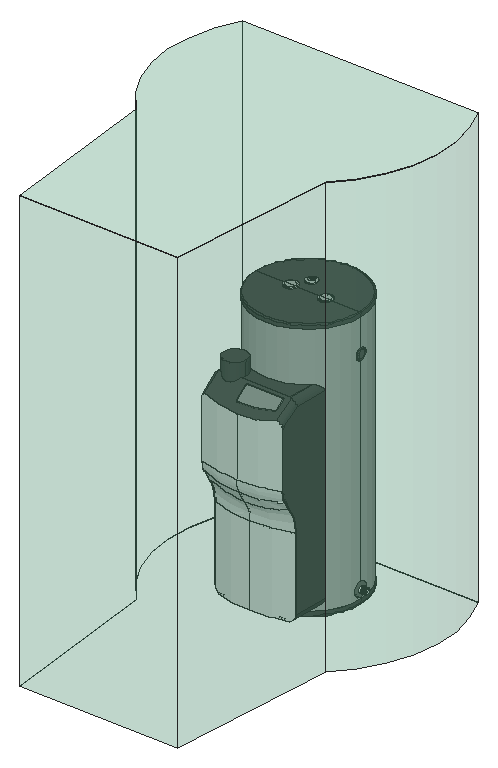
Revit family "Innovo NL_IR 12 200 NL NAT", category Mechanical Equipment, Revit 2015
Parameters (values of type "IR-12-200 NL NAT")
  Werkruimte Radius = Diameter + 170 mm  # 780 mm
  Werkruimte Hoogte = Hoogte + 1000 mm  # 2545 mm
  Werkruimte Afstand Voor = 1000 mm
  Werkruimte [instance] = yes
  Voorzorgsmaatregelen tijdens montage, installatie of onderhoud = "zie Gebruikers, Installatie, Service en Onderhouds handleiding"  # constant formula
  Voltage = 230 V  # constant formula
  Verpakkingslengte = 946 mm  # constant formula
  Verpakkingshoogte = 1695 mm
  Verpakkingsbreedte = 786 mm  # constant formula
  Uitsluitend werkend in daluren = no
  Type aanduiding = "IR-32-245"
  Transportgewicht = 136 kg
  Totaal Gewicht = 381 kg
  Stilstandsverlies - dagelijks (24u) = 0 W
  Stilstandsverlies = 0 W
  Standaard Afgesteld op = "G25.3"
  Stand Regelthermostaat = 65 °C  # constant formula
  Soort Verpakking = "Karton en Hout"  # constant formula
  Slimme controlefunctie = no
  Setpoint thermostaat = 65 °C  # constant formula
  Seizoens Rendement (Hs) = [Rendement (Hs, vlgs. NEN-EN 89 - 1999)]  # 95
  Rendement (Hs, vlgs. NEN-EN 89 - 1999) = 95
  Rendement (Hi, vlgs. NEN-EN 89 - 1999) = 106
  Produktspecificaties Link = ""
  Produkthandleiding Link = ""
  Produkt Model Nummer (EAN-nummer) = "8717449283841"
  Onderhoudsinterval = "12 maanden"  # constant formula
  Nominale Belasting (Onderwaarde) = "29000.0"
  Nominale Belasting (Bovenwaarde) = "32200.0"
  Nominaal Vermogen = "30700.0"
  NOx-uitstoot mg/kWh = "37.0"
  NOx-uitstoot (lucht vrij, 0% O2) ppm = "24"
  Min. Stand Regelthermostaat = 40 °C  # constant formula
  Max. Werkdruk = 800000.0 Pa
  Max. Stand Regelthermostaat = 85 °C  # constant formula
  Max. Rookgastemperatuur = 65 °C
  Ledig Gewicht = 120 kg
  Kraan Hoogte 02 = if(and(Hoogte = 1745 mm, Diameter = 675 mm), 1518 mm, if(and(Hoogte = 1745 mm, Diameter = 610 mm), 1534 mm, if(Hoogte = 1545 mm, 1328 mm, 1070 mm)))  # 1328 mm
  Kraan Hoogte 01 = if(and(Diameter > 560 mm), 693 mm, 604 mm)  # 693 mm
  Uitschakeldruk LDS < = 210.0 Pa
  URL = "www.aosmith.nl"
  Tapcapaciteit bij ΔT = 70°C  na 90 min. = 710.0 L
  Tapcapaciteit bij ΔT = 70°C  na 60 min. = 520.0 L
  Tapcapaciteit bij ΔT = 70°C  na 30 min. = 330.0 L
  Tapcapaciteit bij ΔT = 70°C  na 120 min. = 900.0 L
  Tapcapaciteit bij ΔT = 55°C  na 90 min. = 930.0 L
  Tapcapaciteit bij ΔT = 55°C  na 60 min. = 690.0 L
  Tapcapaciteit bij ΔT = 55°C  na 30 min. = 440.0 L
  Tapcapaciteit bij ΔT = 55°C  na 120 min. = 1200.0 L
  Tapcapaciteit bij ΔT = 50°C  na 90 min. = 1100.0 L
  Tapcapaciteit bij ΔT = 50°C  na 60 min. = 760.0 L
  Tapcapaciteit bij ΔT = 50°C  na 30 min. = 500.0 L
  Tapcapaciteit bij ΔT = 50°C na 120 min. = 1300.0 L
  Tapcapaciteit bij ΔT = 44°C na 120 min. = 1200.0 L
  Tapcapaciteit bij ΔT = 44°C  na 90 min. = 870.0 L
  Tapcapaciteit bij ΔT = 44°C  na 60 min. = 570.0 L
  Tapcapaciteit bij ΔT = 44°C  na 30 min. = 1500.0 L
  Tapcapaciteit bij ΔT = 28°C na 90 min. = 1900.0 L
  Tapcapaciteit bij ΔT = 28°C na 60 min. = 1400.0 L
  Tapcapaciteit bij ΔT = 28°C na 30 min. = 930.0 L
  Tapcapaciteit bij ΔT = 28°C na 120 min. = 2400.0 L
  Tapcapaciteit Continu bij ΔT = 70°C = 380.0 L/s
  Tapcapaciteit Continu bij ΔT = 55°C = 480.0 L/s
  Tapcapaciteit Continu bij ΔT = 50°C = 530.0 L/s
  Tapcapaciteit Continu bij ΔT = 44°C = 600.0 L/s
  Tapcapaciteit Continu bij ΔT = 28°C = 960.0 L/s
  Opwarmtijd bij ΔT = 70°C = "31"
  Opwarmtijd bij ΔT = 55°C = "24"
  Opwarmtijd bij ΔT = 50°C = "22"
  Opwarmtijd bij ΔT = 44°C = "20"
  Opwarmtijd bij ΔT = 28°C = "13"
  Model = "IR-32-325 NL NAT"
  Manufacturer = "A.O. Smith Water Products Company b.v."  # constant formula
  Length = 780 mm  # constant formula
  Jaarlijks elektriciteitsverbruik (2) = "-"
  Jaarlijks elektriciteitsverbruik (1) = "44 kWh"
  Jaarlijks brandstofverbruik (2) = "-"
  Jaarlijks brandstofverbruik (1) = "21 GJ GCV"
  Isolatiedikte = 44 mm
  Installatie Typen = "B23/C13/C33/C43/C53/C63"  # constant formula
  Inhoud = 245.0 L
  Hoogte Warm Water Uitlaat = 1545 mm
  Hoogte Rookgasafvoer = 1345 mm
  Hoogte Lucht Inlaat = 1345 mm
  Hoogte Koud Water Inlaat = 170 mm
  Hoogte Gas Aansluiting = 920 mm
  Hoogte = 1545 mm
  Handelsmerk = "A.O. Smith"  # constant formula
  Geluidsniveau dB (A) = "<45"  # constant formula
  Geluidsniveau binnen = "58 dB"
  Gasverbruik - Volume ltr/hr = "3.10"
  Gasverbruik - Massa kg/h = "n.v.t."
  Gascategorie = "II2EK3B/P"  # constant formula
  Gas Voordruk = 2500.0 Pa
  Gas Aansluiting = 15"  # constant formula
  Garrantie op Tank = "36 maanden"  # constant formula
  Garrantie op Onderdelen = "12 maanden"  # constant formula
  Frequentie = 50 Hz  # constant formula
  Fase = 1
  Fabrikantnummer = "E 7110"  # constant formula
  Energie-efficiëntieklasse voor waterverwarming (2) = "-"
  Energie-efficiëntieklasse voor waterverwarming (1) = "A"  # constant formula
  Energie-efficiëntie voor waterverwarming (2) = "-"
  Energie-efficiëntie voor waterverwarming (1) = "92%"
  Elektrisch Vermogen (piek) = 105 W
  Elektrisch Vermogen (nominaal) = 85 W
  Diameter Schoorsteen - parallel systeem = "2x80"  # constant formula
  Diameter Schoorsteen - concentrisch systeem = "80/125 mm/mm"  # constant formula
  Diameter Schoorsteen - boiler = "80/125 mm/mm"  # constant formula
  Diameter = 610 mm
  Description = "Condenserende Hoog Rendementsboiler"  # constant formula
  Created By = "http://www.cadcompany.nl/"
  Capaciteitsprofiel = "XXL"
  CO2-uitstoot (tol. +/- 1.0) vol% = "9.3"
  CE-PIN = "0063CQ3037"  # constant formula
  Breedte = Diameter  # 610 mm
  Bestemming / Land = "Nederland"  # constant formula
  BIM Content Developer = "CAD & Company"  # constant formula
  Assembly Code = "D3010"
  Ander capaciteitsprofiel = "-"
  Aansluiting Warm Water = 1"
  Aansluiting T&P = 1"
  Aansluiting Koud Water = 3/4"  # constant formula
  Aansluiting Condensafvoer = 40 mm  # constant formula
  Aansluiting Aftapkraan = 3/4"  # constant formula
  2e Onderhoud (algeheel onderhoud) = "12 maanden na installatie"  # constant formula
  1e Onderhoud (check-up) = "3 maanden na installatie"  # constant formula
Reference planes
  plane 1 "Center (Front/Back)": y = 0
  plane 2: z = 0
  plane 3 "Center (Left/Right)": x = 0
  plane 4 "Pipe": through (-383.901, 912.349, 194.799) normal (-0.0879, -0.0879, 0.9923)
  plane 5 "footing": y = 118.925
  plane 6 "footing front": y = -237.85
  plane 7: x = -305
  plane 8: x = 305
  plane 9: z = 1545
Forms (mm)
  Revolve 1, solid, material "RAL 9005", detail levels medium+fine
    sketch origin (0, -237.85, 0) x (-1, 0, 0) y (0, 0, 1)
      loop
        line (0, 28.9) -> (-15, 28.9) -> (-15, 26.4) -> (-8.671, 26.4) -> (-8.671, 18) -> (-5.686, 18) -> (-6.626, 17.06) -> (-6.626, 12.06) -> (-8.671, 12.06) -> (-8.671, 10) -> (-10.031, 10) -> (-23.271, 5.181)
        arc (-23.271, 5.181) -> (-23.763, 4.836) -> (-24.017, 4.293) r 1.159
        line (-24.017, 4.293) -> (-24.017, 1.03)
        arc (-24.017, 1.03) -> (-23.715, 0.302) -> (-22.986, 0) r 1.03
        line (-22.986, 0) -> (0, 0) -> (0, 28.9)
      axis (0, 28.9) -> (0, 0)
    angle from 0 to 360
  Revolve 2, solid, material "RAL 9005", detail levels medium+fine
    sketch origin (0, 118.925, 0) x (-1, 0, 0) y (0, 0, 1)
      loop
        line (-205.984, 28.9) -> (-220.984, 28.9) -> (-220.984, 26.4) -> (-214.655, 26.4) -> (-214.655, 18) -> (-211.67, 18) -> (-212.61, 17.06) -> (-212.61, 12.06) -> (-214.655, 12.06) -> (-214.655, 10) -> (-216.015, 10) -> (-229.256, 5.181)
        arc (-229.256, 5.181) -> (-229.747, 4.836) -> (-230.001, 4.293) r 1.159
        line (-230.001, 4.293) -> (-230.001, 1.03)
        arc (-230.001, 1.03) -> (-229.699, 0.302) -> (-228.971, 0) r 1.03
        line (-228.971, 0) -> (-205.984, 0) -> (-205.984, 28.9)
      axis (-205.984, 28.9) -> (-205.984, 0)
    angle from 0 to 360
  Revolve 3, solid, material "RAL 9005", detail levels medium+fine
    sketch origin (0, 118.925, 0) x (-1, 0, 0) y (0, 0, 1)
      loop
        line (204.016, 28.9) -> (189.016, 28.9) -> (189.016, 26.4) -> (195.345, 26.4) -> (195.345, 18) -> (198.33, 18) -> (197.39, 17.06) -> (197.39, 12.06) -> (195.345, 12.06) -> (195.345, 10) -> (193.985, 10) -> (180.744, 5.181)
        arc (180.744, 5.181) -> (180.253, 4.836) -> (179.999, 4.293) r 1.159
        line (179.999, 4.293) -> (179.999, 1.03)
        arc (179.999, 1.03) -> (180.301, 0.302) -> (181.029, 0) r 1.03
        line (181.029, 0) -> (204.016, 0) -> (204.016, 28.9)
      axis (204.016, 28.9) -> (204.016, 0)
    angle from 0 to 360
Lines and regions (mm)
  symbolic lines
    curve 1: line (0, 280.06, 0) -> (0, -280.06, 0)
    curve 2: line (-280.06, 0, 0) -> (280.06, 0, 0)
  symbolic lines, style "Workspace"
    curve 3: line (681.142, 380.06, 0) -> (-681.142, 380.06, 0)
    curve 4: arc (-681.142, 380.06, 0) -> (-777.325, -64.546, 0) -> (-609.127, -487.2, 0) r 780
    curve 5: line (-609.127, -487.2, 0) -> (-421.783, -1517.825, 0)
    curve 6: line (-421.783, -1517.825, 0) -> (424.03, -1517.825, 0)
    curve 7: line (424.03, -1517.825, 0) -> (611.027, -484.816, 0)
    curve 8: arc (611.027, -484.816, 0) -> (777.449, -63.027, 0) -> (681.142, 380.06, 0) r 780
Dimensions and locks
  plane 5 "footing" to plane 1 "Center (Front/Back)" = 118.925 mm
  plane 1 "Center (Front/Back)" to plane 6 "footing front" = 237.85 mm
  "Diameter": plane 7 to plane 8
  equal spacing: plane 7, plane 3 "Center (Left/Right)", plane 8
  "Hoogte": plane 9 to plane 2
  "Werkruimte Afstand Voor": curve 6 to nested 3
  "Werkruimte Radius": radius of curve 4
  "Werkruimte Radius": radius of curve 8
  aligned and locked: level to plane 2
  aligned and locked: nested 3 to Revolve 1 sketch curve
  aligned and locked: plane 3 "Center (Left/Right)" to Revolve 1 sketch curve
  aligned and locked: nested 3 to plane 1 "Center (Front/Back)"
  aligned and locked: plane 3 "Center (Left/Right)" to nested 3
  aligned and locked: nested 1 to plane 8
  aligned and locked: nested 5 to plane 8
  aligned and locked: nested 2 to plane 7
  aligned and locked: nested 4 to plane 7
  aligned and locked: nested 7 to plane 7
  aligned and locked: nested 8 to plane 3 "Center (Left/Right)"
  aligned and locked: curve 3 to nested 8
  aligned and locked: nested 8 to nested 3
Automatic sketch dimensions
  Revolve 1 sketch curve to level = 0 mm
  plane 3 "Center (Left/Right)" to Revolve 1 sketch curve = 5.686 mm
  Revolve 1 sketch curve to Revolve 1 sketch curve = 0.94 mm  (x2)
  Revolve 1 sketch curve to Revolve 1 sketch curve = 2.046 mm  (x2)
  Revolve 1 sketch curve to Revolve 1 sketch curve = 1.359 mm
  Revolve 1 sketch curve to Revolve 1 sketch curve = 6.329 mm
  level to Revolve 1 sketch curve = 4.091 mm
  Revolve 1 sketch curve to Revolve 1 sketch curve = 12.844 mm
  level to Revolve 1 sketch curve = 1.03 mm
  Revolve 1 sketch curve to Revolve 1 sketch curve = 0.111 mm
  level to Revolve 1 sketch curve = 5.181 mm
  Revolve 1 sketch curve to Revolve 1 sketch curve = 0.745 mm
  level to Revolve 1 sketch curve = 10 mm
  Revolve 1 sketch curve to Revolve 1 sketch curve = 2.06 mm
  Revolve 1 sketch curve to Revolve 1 sketch curve = 5 mm
  Revolve 1 sketch curve to Revolve 1 sketch curve = 8.4 mm
  Revolve 1 sketch curve to Revolve 1 sketch curve = 2.5 mm
  Revolve 1 sketch curve to level = 19.635 mm
  Revolve 1 sketch curve to Revolve 1 sketch curve = 46.465 mm
  Revolve 2 sketch curve to level = 0 mm
  level to Revolve 2 sketch curve = 1.03 mm
  Revolve 2 sketch curve to plane 8 = 74.999 mm
  level to Revolve 2 sketch curve = 5.181 mm
  Revolve 2 sketch curve to Revolve 2 sketch curve = 0.745 mm
  Revolve 2 sketch curve to Revolve 2 sketch curve = 0.397 mm
  Revolve 2 sketch curve to Revolve 2 sketch curve = 8.271 mm
  Revolve 2 sketch curve to Revolve 2 sketch curve = 13.241 mm
  Revolve 2 sketch curve to Revolve 2 sketch curve = 1.359 mm
  Revolve 2 sketch curve to Revolve 2 sketch curve = 6.329 mm
  Revolve 2 sketch curve to Revolve 2 sketch curve = 2.046 mm
  level to Revolve 2 sketch curve = 18 mm
  Revolve 2 sketch curve to Revolve 2 sketch curve = 0.94 mm  (x2)
  Revolve 2 sketch curve to Revolve 2 sketch curve = 8.671 mm
  Revolve 2 sketch curve to Revolve 2 sketch curve = 1.089 mm
  Revolve 2 sketch curve to Revolve 2 sketch curve = 8 mm
  Revolve 2 sketch curve to Revolve 2 sketch curve = 2.06 mm
  Revolve 2 sketch curve to Revolve 2 sketch curve = 8.4 mm
  Revolve 2 sketch curve to Revolve 2 sketch curve = 2.5 mm
  Revolve 2 sketch curve to Revolve 2 sketch curve = 0 mm
  Revolve 2 sketch curve to level = 19.635 mm
  Revolve 2 sketch curve to Revolve 2 sketch curve = 46.465 mm
  Revolve 3 sketch curve to level = 0 mm
  level to Revolve 3 sketch curve = 1.03 mm
  Revolve 3 sketch curve to plane 7 = 125.001 mm
  level to Revolve 3 sketch curve = 5.181 mm
  Revolve 3 sketch curve to Revolve 3 sketch curve = 0.745 mm
  Revolve 3 sketch curve to Revolve 3 sketch curve = 0.397 mm
  Revolve 3 sketch curve to Revolve 3 sketch curve = 8.271 mm
  Revolve 3 sketch curve to Revolve 3 sketch curve = 13.241 mm
  Revolve 3 sketch curve to Revolve 3 sketch curve = 1.359 mm
  Revolve 3 sketch curve to Revolve 3 sketch curve = 6.329 mm
  Revolve 3 sketch curve to Revolve 3 sketch curve = 2.046 mm
  level to Revolve 3 sketch curve = 18 mm
  Revolve 3 sketch curve to Revolve 3 sketch curve = 0.94 mm  (x2)
  Revolve 3 sketch curve to Revolve 3 sketch curve = 8.671 mm
  Revolve 3 sketch curve to Revolve 3 sketch curve = 1.089 mm
  Revolve 3 sketch curve to Revolve 3 sketch curve = 8 mm
  Revolve 3 sketch curve to Revolve 3 sketch curve = 2.06 mm
  Revolve 3 sketch curve to Revolve 3 sketch curve = 8.4 mm
  Revolve 3 sketch curve to Revolve 3 sketch curve = 2.5 mm
  Revolve 3 sketch curve to Revolve 3 sketch curve = 0 mm
  Revolve 3 sketch curve to level = 19.635 mm
  Revolve 3 sketch curve to Revolve 3 sketch curve = 46.465 mm
  curve 4 to curve 8 = 0 mm  (x2)
  plane 1 "Center (Front/Back)" to curve 2 = 0 mm
  curve 1 to plane 3 "Center (Left/Right)" = 0 mm
  plane 1 "Center (Front/Back)" to curve 4 = 0 mm
  curve 4 to plane 3 "Center (Left/Right)" = 0 mm
  curve 5 to plane 6 "footing front" = 249.35 mm
  plane 7 to curve 5 = 116.783 mm
  plane 8 to curve 7 = 119.03 mm
  curve 7 to plane 6 "footing front" = 246.966 mm
  curve 2 to plane 7 = 24.94 mm
  curve 2 to plane 8 = 24.94 mm
  curve 1 to plane 6 "footing front" = 42.21 mm
  plane 5 "footing" to curve 1 = 161.135 mm
Nested families
  nested 1: "Valve" at (305, -0.38, 1328) x (0, 1, 0) z (0, 0, 1), built-in parameter 1001364 <- "Kraan Hoogte 02", type "Valve"
  nested 2: "Drain Valve" at (-305, 0, 1328), built-in parameter 1001364 <- "Kraan Hoogte 02", type "Drain Valve"
  nested 3: "Housing Mother Housing S 57 (external)" at (0, -299.886, 0), type "Housing Mother_Housing S_57"
    with radius 305 mm, distance to boiler center 154 mm, diameter 610 mm
  nested 4: "Drain Valve" at (-305, 0, 177), type "Drain Valve"
  nested 5: "Drain Valve" at (305, 0, 107) x (-1, 0, 0) z (0, 0, 1), type "Drain Valve"
  nested 6: "Boiler" at (0, 0, 0), height <- "Hoogte", type "Boiler"
    with height 1545 mm, radius 305 mm, Diameter 610 mm
  nested 7: "Drain Valve" at (-305, 0, 693), built-in parameter 1001364 <- "Kraan Hoogte 01", type "Drain Valve"
  nested 8: "Innovo_workspace" at (0, 0, 0), Workspace <- "Werkruimte", Workspace Distance Front <- "Werkruimte Afstand Voor", Workspace Height <- "Werkruimte Hoogte", Workspace Radius <- "Werkruimte Radius", type "Workspace"
    with Workspace Radius 780 mm, Workspace Height 2545 mm, Workspace Distance Front 1000 mm, Workspace yes, Center to Front 517.825 mm
Connectors
  piping at (339.826, 0, 107), diameter 19.05, driven by "Aansluiting Aftapkraan"
    settings: on nested 5, index 1, connector inside diameter 24", connector length 0 mm, flow factor 0, pipe flow 0.0 L/s, pressure drop 0.0 Pa, fitting loss kfactor 0, connector angle 0.00°, fixture units 0, engagement length 0 mm, angle of deflection 0.00°, flow configuration 0, flow direction 0, fitting loss method 0, system type 19, joint type 0, gender type 0, connector reference index -1, connector utility 0, adjustable connector no, is connector primary yes, connector description ""
  hvac at (-147.013, -346.326, 1310.674)
    settings: on nested 3, index 2, duct flow 0.0 L/s, flow factor 0, pres drop 0.0 Pa, loss coef 0, conn angle 0.00°, conn width 304.8 mm, conn height 304.8 mm, conn diameter 125 mm, duct sys type 4, conn prof type 0, flow config 0, flow direction 0, loss method 0, conn ref index -1, conn util no, is conn primary yes, conn desc ""
Definition of nested family "Valve"
  Parameters (values of type "Valve")
    Type Comments = "T&P valve (internal)"
    Manufacturer = "A.O. Smith"
  Reference planes
    plane 1 "Center (Front/Back)": y = 0
    plane 2: z = 0
    plane 3 "Center (Left/Right)": x = 0
  Forms (mm)
    Extrusion 1, solid, detail levels fine
      sketch origin (0, 0, 0) x (1, 0, 0) y (0, 0, 1)
        loop
          circle (0, 0) r 31.5
      from -2.271 to 1.4
    Sweep 2, solid, detail levels fine
      path origin (0, -1.4, 0) x (1, 0, 0) y (0, 0, 1)
        loop
          circle (0, 0) r 31.5
      profile origin (0, -1.4, 31.5) x (0, 0, -1) y (0, -1, 0)
        loop
          line (7.3, 0) -> (7.3, 3) -> (0, 0) -> (7.3, 0)
  Dimensions and locks
    aligned and locked: level to plane 2
Definition of nested family "Drain Valve"
  Reference planes
    plane 1 "Center (Front/Back)": y = 0
    plane 2: z = 0
    plane 3 "Center (Left/Right)": x = 0
  Forms (mm)
    Revolve 1, solid, detail levels medium+fine
      sketch origin (0, 0, 0) x (1, 0, 0) y (0, 0, 1)
        loop
          line (-33.442, 15.696) -> (-34.826, 14.329) -> (-34.93, 12.731) -> (-16.555, 12.731) -> (-16.555, 0) -> (15.787, 0) -> (15.787, 18.3) -> (-14.4, 18.3) -> (-17.148, 15.533) -> (-18.729, 16.697) -> (-20.091, 15.333) -> (-21.672, 16.496) -> (-23.034, 15.133) -> (-24.614, 16.296) -> (-25.976, 14.932) -> (-27.557, 16.096) -> (-28.919, 14.732) -> (-30.5, 15.896) -> (-31.862, 14.532) -> (-33.442, 15.696)
        axis (-34.93, 0) -> (15.787, 0)
      angle from 0 to 360
  Dimensions and locks
    aligned and locked: level to plane 2
  Nested families
    nested 1: "Rubber sealing" at (2.592, -0.155, 0) x (0.0023, -1, 0) z (0, 0, 1), type "Rubber sealing", detail levels fine
  Definition of nested family "Rubber sealing"
    Reference planes
      plane 1 "Center (Front/Back)": y = 0
      plane 2: z = 0
      plane 3 "Center (Left/Right)": x = 0
    Forms (mm)
      Extrusion 1, solid, detail levels fine
        sketch origin (141.861, 319.581, 0) x (1, 0, 0) y (0, 1, 0)
          loop
            line (-216.354, -311.898) -> (-216.354, -313.94)
            arc (-216.354, -313.94) -> (-141.602, -321.581) -> (-66.861, -313.835) r 366.966
            line (-66.861, -313.835) -> (-66.861, -311.791)
            arc (-66.861, -311.791) -> (-141.602, -319.581) -> (-216.354, -311.898) r 364.966
        from -80 to 80
      Extrusion 2, void
        sketch origin (141.861, 319.581, 0) x (1, 0, 0) y (0, 0, 1)
          loop
            circle (-141.861, 0) r 13
          loop
            circle (-141.861, 0) r 110
          loop
            circle (-141.861, 0) r 40
        from 311.563 to 332.684
      Extrusion 3, void
        sketch origin (141.861, 319.581, 0) x (1, 0, 0) y (0, 0, 1)
          loop
            circle (-141.861, 0) r 18.25
        from 315.524 to 326.084
    Cuts and joins
      Extrusion 2, Extrusion 3 cuts Extrusion 1
    Dimensions and locks
      aligned and locked: level to plane 2
Definition of nested family "Housing Mother Housing S 57 (external)"
  Parameters (values of type "Housing Mother_Housing S_57")
    radius [instance] = 280 mm
    distance to boiler center = if(diameter = 675 mm, 189 mm, if(diameter = 610 mm, 154 mm, 129 mm))  # 129 mm
    diameter = 560 mm
  Reference planes
    plane 1 "Center (Front/Back)": y = 0
    plane 2: z = 0
    plane 3 "Center (Left/Right)": x = 0
    plane 4 "left": through (-245.286, 145.886, 1200) normal (0.9994, 0.0349, 0)
    plane 5: y = -217.939
    plane 6: y = 145.886
    plane 7: z = 1232.6
    plane 8: z = 65.89
    plane 9 "right": through (245.286, 145.886, 1200) normal (0.9994, -0.0349, 0)
    plane 10 "display": through (0, -90.37, 1221.196) normal (0, -0.5736, 0.8192)
    plane 11 "Potentiostat": z = 867.899
    plane 12 "boiler center": y = 274.886
    plane 13: x = -280
    plane 14: x = 280
  Forms (mm)
    Extrusion 1, solid
      sketch origin (0, 0, 0) x (1, 0, 0) y (0, 1, 0)
        loop
          line (-245.286, 145.886) -> (-232.581, -217.939) -> (232.581, -217.939) -> (245.286, 145.886)
          arc (245.286, 145.886) -> (0, 0.923) -> (-245.286, 145.886) r 280
      from 0 to 1232.6
    Sweep 2, void
      path origin (0, 0, 0) x (0, 1, 0) y (0, 0, 1)
        loop
          line (-217.939, 1232.6) -> (-217.939, 795.555)
          arc (-217.939, 795.555) -> (-212.387, 754.285) -> (-197.694, 715.322) r 183.924
          arc (-197.694, 715.322) -> (-179.915, 684.628) -> (-159.106, 655.901) r 348.284
          arc (-159.106, 655.901) -> (-131.411, 600.328) -> (-121.88, 538.973) r 202.254
          line (-121.88, 538.973) -> (-121.88, 61.106)
      profile origin (0, -217.939, 1014.077) x (1, 0, 0) y (0, 1, 0)
        loop
          arc (0, 0) -> (-117.533, 9.941) -> (-231.728, 39.475) r 699.984
          arc (-231.728, 39.475) -> (-233.391, 40.705) -> (-234.07, 42.659) r 3.505
          line (-234.07, 42.659) -> (-254.062, 42.659) -> (-254.062, -142.593) -> (254.07, -142.593) -> (254.07, 42.659) -> (234.07, 42.659)
          arc (234.07, 42.659) -> (233.391, 40.705) -> (231.728, 39.475) r 3.505
          arc (231.728, 39.475) -> (117.533, 9.941) -> (0, 0) r 699.984
    Extrusion 3, void
      sketch origin (0, 0, 0) x (0, 1, 0) y (0, 0, 1)
        loop
          arc (102.864, 70.869) -> (99.804, 70.709) -> (96.874, 69.813) r 12.57
          arc (96.874, 69.813) -> (87.878, 66.533) -> (78.516, 64.529) r 69.114
          arc (78.516, 64.529) -> (76.41, 64.284) -> (74.294, 64.148) r 41.206
          arc (74.294, 64.148) -> (65.203, 64.335) -> (56.122, 64.782) r 318.661
          arc (56.122, 64.782) -> (30.585, 66.179) -> (5.028, 67.128) r 1456.581
          line (5.028, 67.128) -> (-84.534, 73.135)
          arc (-84.534, 73.135) -> (-86.363, 73.808) -> (-87.536, 75.365) r 3.455
          line (-87.536, 75.365) -> (-264.473, 75.365) -> (-264.473, 0) -> (160.886, 0) -> (160.886, 103.945) -> (145.886, 103.945)
          arc (145.886, 103.945) -> (145.104, 97.827) -> (142.923, 92.059) r 26.364
          arc (142.923, 92.059) -> (141.067, 88.936) -> (138.867, 86.045) r 31.715
          arc (138.867, 86.045) -> (135.576, 82.49) -> (132.021, 79.2) r 62.615
          arc (132.021, 79.2) -> (125.841, 74.697) -> (119.091, 71.103) r 54.444
          arc (119.091, 71.103) -> (116.371, 70.272) -> (113.531, 70.123) r 11.669
          line (113.531, 70.123) -> (102.864, 70.869)
      from -254.062 to 254.07
    Sweep 4, void
      path origin (0, 0, 0) x (1, 0, 0) y (0, 1, 0)
        loop
          line (-245.286, 145.886) -> (-232.581, -217.939)
      profile origin (-238.933, -36.027, 0) x (0.999391, 0.034899, 0) y (0, 0, 1)
        loop
          line (-4.454, 0) -> (47.084, 0) -> (47.084, 73.431)
          arc (47.084, 73.431) -> (14.222, 85.134) -> (0.255, 117.1) r 43.922
          line (0.255, 117.1) -> (-4.454, 117.1) -> (-4.454, 0)
    Sweep 5, void
      path origin (0, 0, 0) x (-1, 0, 0) y (0, 1, 0)
        loop
          line (-245.286, 145.886) -> (-232.581, -217.939)
      profile origin (238.933, -36.027, 0) x (0.999391, -0.034899, 0) y (0, 0, 1)
        loop
          line (4.454, 0) -> (4.454, 117.1) -> (-0.255, 117.1)
          arc (-0.255, 117.1) -> (-14.222, 85.134) -> (-47.084, 73.431) r 43.922
          line (-47.084, 73.431) -> (-47.084, 0) -> (4.454, 0)
    Sweep 6, void
      path origin (-239.899, -8.377, 0) x (-0.034899, 0.999391, 0) y (0, 0, 1)
        loop
          line (-209.69, 1141.272) -> (-79.18, 1232.6) -> (154.358, 1232.6)
      profile origin (-241.211, 29.188, 1232.6) x (0, 0, 1) y (0.999391, 0.034899, 0)
        loop
          line (-45, -30) -> (75, -30) -> (75, 0) -> (75, 55) -> (2.799, 55) -> (-1.253, 35.128)
          arc (-1.253, 35.128) -> (-16.771, 9.564) -> (-45, -0.308) r 44.287
          line (-45, -0.308) -> (-45, -30)
    Sweep 7, void
      path origin (239.899, -8.377, 0) x (0.034899, 0.999391, 0) y (0, 0, 1)
        loop
          line (-209.69, 1141.272) -> (-79.18, 1232.6) -> (154.358, 1232.6)
      profile origin (241.211, 29.188, 1232.6) x (0, 0, -1) y (-0.999391, 0.034899, 0)
        loop
          line (-75, -25) -> (45, -25) -> (45, -0.308)
          arc (45, -0.308) -> (16.771, 9.564) -> (1.253, 35.128) r 44.287
          line (1.253, 35.128) -> (-2.799, 55) -> (-75, 55) -> (-75, -25)
    Extrusion 8, void
      sketch origin (0, 0, 0) x (0, 1, 0) y (0, 0, 1)
        loop
          line (-270, 1336.099) -> (-270, 1099.081) -> (68.497, 1336.099) -> (-270, 1336.099)
      from -425.038 to 444.42
    Extrusion 9, solid, detail levels medium+fine
      sketch origin (0, 0, 0) x (1, 0, 0) y (0, 1, 0)
        loop
          circle (-147.013, -46.44) r 65
      from 1163.174 to 1310.674
    Extrusion 10, void
      sketch origin (0, -603.506, 861.895) x (0, 0.819152, 0.573576) y (-1, 0, 0)
        loop
          arc (618.322, -173) -> (623.272, -170.95) -> (625.322, -166) r 7
          line (625.322, -166) -> (625.322, 35)
          arc (625.322, 35) -> (623.272, 39.95) -> (618.322, 42) r 7
          line (618.322, 42) -> (535.473, 42)
          arc (535.473, 42) -> (530.688, 40.11) -> (528.488, 35.46) r 7
          arc (528.488, 35.46) -> (531.569, -67.592) -> (554.18, -168.18) r 540
          arc (554.18, -168.18) -> (556.724, -171.668) -> (560.831, -173) r 7
          line (560.831, -173) -> (618.322, -173)
      from 0 to 137.286
    Sweep 11, solid, detail levels fine
      path origin (0, 0, 867.899) x (-1, 0, 0) y (0, -1, 0)
        loop
          line (309.749, -35.617) -> (204.371, -35.617)
          arc (204.371, -35.617) -> (196.509, -34.687) -> (189.082, -31.947) r 33.677
          line (189.082, -31.947) -> (-9.574, 69.274)
      profile origin (-257.06, 35.617, 867.899) x (0, 1, 0) y (0, 0, 1)
        loop
          circle (0, 0) r 7.316
        loop
          circle (0, 0) r 6.465
    Revolve 12, void
      sketch origin (0, 274.886, 0) x (-1, 0, 0) y (0, 0, 1)
        loop
          line (280, 1243.838) -> (0, 1243.838) -> (0, 54.9) -> (280, 54.9) -> (280, 1243.838)
        axis (0, 1243.838) -> (0, 54.9)
      angle from 0 to 360
  Cuts and joins
    Sweep 2, Extrusion 3, Sweep 4, Sweep 5, Sweep 6, Sweep 7, Extrusion 8, Extrusion 10, Revolve 12 cuts Extrusion 1
  Dimensions and locks
    plane 8 to plane 2 = 65.89 mm
    plane 7 to plane 8 = 1166.71 mm
    "distance to boiler center": plane 12 "boiler center" to plane 6
    "diameter": plane 14 to plane 13
    equal spacing: plane 14, plane 3 "Center (Left/Right)", plane 13
    "radius": plane 3 "Center (Left/Right)" to plane 13
    aligned and locked: level to plane 2
    aligned and locked: Extrusion 1 to plane 7
    aligned and locked: Extrusion 1 sketch curve to plane 5
    aligned and locked: Sweep 2 to Extrusion 3
    aligned and locked: Extrusion 3 to Sweep 2  (x2)
    aligned and locked: plane 7 to Sweep 2 sketch curve
    aligned and locked: plane 3 "Center (Left/Right)" to Revolve 12 sketch curve
    aligned and locked: Revolve 12 sketch curve to plane 3 "Center (Left/Right)"
    aligned and locked: plane 13 to Revolve 12 sketch curve
  Automatic sketch dimensions
    Extrusion 1 sketch curve to plane 4 "left" = 0 mm  (x2)
    Extrusion 1 sketch curve to plane 6 = 0 mm  (x2)
    Extrusion 1 sketch curve to plane 3 "Center (Left/Right)" = 0 mm
    Extrusion 1 sketch curve to plane 9 "right" = 0 mm
    plane 6 to Extrusion 1 sketch curve = 135.037 mm
    Sweep 2 sketch curve to plane 5 = 0 mm
    plane 5 to Sweep 2 sketch curve = 106.195 mm
    Sweep 2 sketch curve to plane 5 = 96.059 mm
    plane 1 "Center (Front/Back)" to Sweep 2 sketch curve = 34.053 mm
    plane 11 "Potentiostat" to Sweep 2 sketch curve = 6.417 mm
    Sweep 2 sketch curve to plane 6 = 33.705 mm
    Sweep 2 sketch curve to plane 11 "Potentiostat" = 68.615 mm
    Sweep 2 sketch curve to plane 11 "Potentiostat" = 72.345 mm
    Sweep 2 sketch curve to Sweep 2 sketch curve = 176.349 mm
    Sweep 2 sketch curve to Sweep 2 sketch curve = 0 mm  (x2)
    plane 8 to Sweep 2 sketch curve = 4.784 mm
    Extrusion 3 sketch curve to level = 0 mm
    Extrusion 3 sketch curve to plane 6 = 0 mm
    Extrusion 3 sketch curve to plane 6 = 26.363 mm
    Extrusion 3 sketch curve to Extrusion 3 sketch curve = 4.75 mm
    Extrusion 3 sketch curve to Extrusion 3 sketch curve = 5.179 mm
    Extrusion 3 sketch curve to plane 8 = 4.232 mm
    Extrusion 3 sketch curve to Extrusion 3 sketch curve = 0.814 mm
    Extrusion 3 sketch curve to plane 8 = 4.978 mm
    Extrusion 3 sketch curve to Extrusion 3 sketch curve = 10.667 mm
    Extrusion 3 sketch curve to Extrusion 3 sketch curve = 0.877 mm
    Extrusion 3 sketch curve to Extrusion 3 sketch curve = 17.827 mm
    Extrusion 3 sketch curve to Extrusion 3 sketch curve = 5.646 mm
    Extrusion 3 sketch curve to plane 6 = 69.562 mm
    Extrusion 3 sketch curve to Extrusion 3 sketch curve = 18.6 mm
    Extrusion 3 sketch curve to Extrusion 3 sketch curve = 22.538 mm
    Extrusion 3 sketch curve to plane 8 = 1.238 mm
    Extrusion 3 sketch curve to plane 1 "Center (Front/Back)" = 5.028 mm
    plane 1 "Center (Front/Back)" to Extrusion 3 sketch curve = 36.224 mm
    Extrusion 3 sketch curve to plane 8 = 10.692 mm
    plane 1 "Center (Front/Back)" to Extrusion 3 sketch curve = 84.302 mm
    Extrusion 3 sketch curve to plane 8 = 7.244 mm
    Extrusion 3 sketch curve to Extrusion 3 sketch curve = 0.231 mm
    Extrusion 3 sketch curve to Extrusion 3 sketch curve = 3.234 mm
    plane 5 to Extrusion 3 sketch curve = 46.534 mm
    plane 6 to Extrusion 3 sketch curve = 15 mm
    Extrusion 3 sketch curve to level = 1388.869 mm
    plane 8 to Extrusion 3 sketch curve = 7.561 mm
    Extrusion 3 sketch curve to Extrusion 3 sketch curve = 11.64 mm
    Extrusion 3 sketch curve to plane 8 = 38.054 mm
    Extrusion 3 sketch curve to Extrusion 3 sketch curve = 22.442 mm
    Extrusion 3 sketch curve to plane 8 = 39.432 mm
    Extrusion 3 sketch curve to Extrusion 3 sketch curve = 2.466 mm
    Extrusion 3 sketch curve to Extrusion 3 sketch curve = 14.17 mm
    Extrusion 3 sketch curve to Extrusion 3 sketch curve = 5.925 mm
    Extrusion 3 sketch curve to Extrusion 3 sketch curve = 6.186 mm
    Extrusion 3 sketch curve to Extrusion 3 sketch curve = 249.85 mm
    Extrusion 3 sketch curve to Extrusion 3 sketch curve = 0 mm  (x4)
    Extrusion 3 sketch curve to Extrusion 3 sketch curve = 6.845 mm
    plane 8 to Extrusion 3 sketch curve = 1.743 mm
    Sweep 4 sketch curve to plane 4 "left" = 0 mm  (x2)
    Sweep 4 sketch curve to plane 6 = 0 mm
    plane 5 to Sweep 4 sketch curve = 0 mm
    Sweep 4 sketch curve to level = 0 mm
    profile plane to Sweep 4 sketch curve = 4.454 mm
    Sweep 4 sketch curve to profile plane = 0.255 mm
    Sweep 4 sketch curve to Sweep 4 sketch curve = 43.922 mm
    Sweep 4 sketch curve to profile plane = 47.084 mm
    level to Sweep 4 sketch curve = 73.431 mm
    Sweep 4 sketch curve to Sweep 4 sketch curve = 43.669 mm
    Sweep 5 sketch curve to plane 6 = 0 mm
    Sweep 5 sketch curve to plane 9 "right" = 0 mm  (x2)
    plane 5 to Sweep 5 sketch curve = 0 mm
    Sweep 5 sketch curve to level = 0 mm
    profile plane to Sweep 5 sketch curve = 47.084 mm
    Sweep 5 sketch curve to Sweep 5 sketch curve = 2.907 mm
    profile plane to Sweep 5 sketch curve = 0.255 mm
    Sweep 5 sketch curve to profile plane = 4.454 mm
    level to Sweep 5 sketch curve = 73.431 mm
    Sweep 5 sketch curve to Sweep 5 sketch curve = 43.669 mm
    Sweep 6 sketch curve to plane 7 = 0 mm
    plane 7 to Sweep 6 sketch curve = 91.328 mm
    Sweep 6 sketch curve to Sweep 6 sketch curve = 130.509 mm
    Sweep 6 sketch curve to Sweep 6 sketch curve = 233.538 mm
    Sweep 6 sketch curve to plane 4 "left" = 0 mm
    profile plane to Sweep 6 sketch curve = 45 mm
    Sweep 6 sketch curve to Sweep 6 sketch curve = 0.354 mm
    profile plane to Sweep 6 sketch curve = 1.253 mm
    Sweep 6 sketch curve to profile plane = 2.799 mm
    Sweep 6 sketch curve to Sweep 6 sketch curve = 72.201 mm
    Sweep 6 sketch curve to plane 4 "left" = 0.308 mm
    Sweep 6 sketch curve to Sweep 6 sketch curve = 29.692 mm
    plane 4 "left" to Sweep 6 sketch curve = 35.128 mm
    plane 4 "left" to Sweep 6 sketch curve = 55 mm
    Sweep 7 sketch curve to plane 7 = 0 mm
    Sweep 7 sketch curve to plane 7 = 91.328 mm
    Sweep 7 sketch curve to Sweep 7 sketch curve = 130.509 mm
    Sweep 7 sketch curve to Sweep 7 sketch curve = 233.538 mm
    Sweep 7 sketch curve to plane 9 "right" = 25 mm
    profile plane to Sweep 7 sketch curve = 75 mm
    profile plane to Sweep 7 sketch curve = 2.799 mm
    Sweep 7 sketch curve to profile plane = 1.253 mm
    Sweep 7 sketch curve to Sweep 7 sketch curve = 43.393 mm
    Sweep 7 sketch curve to profile plane = 45 mm
    Sweep 7 sketch curve to plane 9 "right" = 0.308 mm
    plane 9 "right" to Sweep 7 sketch curve = 35.128 mm
    Sweep 7 sketch curve to Sweep 7 sketch curve = 19.872 mm
    plane 5 to Extrusion 8 sketch curve = 52.061 mm
    Extrusion 8 sketch curve to plane 1 "Center (Front/Back)" = 68.497 mm
    plane 7 to Extrusion 8 sketch curve = 133.519 mm
    Extrusion 8 sketch curve to plane 7 = 103.499 mm
    plane 1 "Center (Front/Back)" to Extrusion 9 sketch curve = 46.44 mm
    Extrusion 9 sketch curve to plane 3 "Center (Left/Right)" = 147.013 mm
    Extrusion 10 sketch curve to plane 3 "Center (Left/Right)" = 0 mm
    Extrusion 10 sketch curve to plane 3 "Center (Left/Right)" = 35 mm
    Extrusion 10 sketch curve to Extrusion 10 sketch curve = 25.359 mm
    Extrusion 10 sketch curve to Extrusion 10 sketch curve = 57.491 mm
    Extrusion 10 sketch curve to plane 3 "Center (Left/Right)" = 42 mm
    Extrusion 10 sketch curve to Extrusion 10 sketch curve = 82.85 mm
    Extrusion 10 sketch curve to Extrusion 10 sketch curve = 7 mm
    Extrusion 10 sketch curve to Extrusion 10 sketch curve = 442 mm
    plane 3 "Center (Left/Right)" to Extrusion 10 sketch curve = 166 mm
    Extrusion 10 sketch curve to Extrusion 10 sketch curve = 0 mm  (x2)
    Sweep 11 sketch curve to plane 1 "Center (Front/Back)" = 31.947 mm
    Sweep 11 sketch curve to plane 3 "Center (Left/Right)" = 189.082 mm
    Sweep 11 sketch curve to plane 1 "Center (Front/Back)" = 1.94 mm
    Sweep 11 sketch curve to Sweep 11 sketch curve = 15.289 mm
    plane 3 "Center (Left/Right)" to Sweep 11 sketch curve = 9.574 mm
    Sweep 11 sketch curve to Sweep 11 sketch curve = 105.378 mm
    plane 1 "Center (Front/Back)" to Sweep 11 sketch curve = 69.274 mm
    Sweep 11 sketch curve to Sweep 11 sketch curve = 0 mm  (x2)
    Sweep 11 sketch curve to plane 11 "Potentiostat" = 0 mm
    Sweep 11 sketch curve to profile plane = 0 mm
    plane 8 to Revolve 12 sketch curve = 10.99 mm
    Revolve 12 sketch curve to plane 7 = 11.238 mm
    Revolve 12 sketch curve to level = 366.045 mm
    Revolve 12 sketch curve to Revolve 12 sketch curve = 971.917 mm
    Sweep 2 sketch curve to plane 3 "Center (Left/Right)" = 0 mm
    profile plane to Sweep 2 sketch curve = 0 mm
    Sweep 2 sketch curve to plane 3 "Center (Left/Right)" = 0.016 mm
    Sweep 2 sketch curve to profile plane = 42.782 mm  (x2)
    Sweep 2 sketch curve to plane 3 "Center (Left/Right)" = 230.568 mm
    plane 3 "Center (Left/Right)" to Sweep 2 sketch curve = 0.016 mm
    plane 3 "Center (Left/Right)" to Sweep 2 sketch curve = 230.568 mm
    Sweep 2 sketch curve to Sweep 2 sketch curve = 3.502 mm  (x2)
    Sweep 2 sketch curve to Sweep 2 sketch curve = 20 mm
    profile plane to Sweep 2 sketch curve = 142.593 mm
    Sweep 2 sketch curve to Sweep 2 sketch curve = 0.122 mm  (x2)
    Sweep 2 sketch curve to Sweep 2 sketch curve = 657.203 mm
    Sweep 2 sketch curve to Sweep 2 sketch curve = 19.991 mm
    radius of Extrusion 9 sketch curve = 65 mm
    radius of Sweep 11 sketch curve = 7.316 mm
    radius of Sweep 11 sketch curve = 6.465 mm
  Nested families
    nested 1: "display" at (65.5, -130.939, 1192.79) x (-1, 0, 0) z (0, -0.5736, 0.8192), type "display"
  Definition of nested family "display"
    Parameters (values of type "display")
      Default Elevation = 1219.2 mm
    Reference planes
      plane 1 "Center (Front/Back)": y = 0
      plane 2: z = 0
      plane 3 "Center (Left/Right)": x = 0
    Forms (mm)
      Extrusion 1, solid, detail levels medium+fine
        sketch origin (-16.958, 11.842, -343.878) x (1, 0, 0) y (0, 0, -1)
          loop
            line (-233.523, -343.878) -> (-233.523, -346.592) -> (332.686, -346.592) -> (332.686, -343.878) -> (-233.523, -343.878)
        from -228.7 to 150.822
      Extrusion 2, void
        sketch origin (-16.958, 6.842, -343.878) x (1, 0, 0) y (0, 1, 0)
          loop
            line (-233.523, 155.822) -> (-233.523, -223.7) -> (332.686, -223.7) -> (332.686, 155.822) -> (-233.523, 155.822)
          loop
            arc (-90.542, -48.267) -> (-88.492, -53.216) -> (-83.542, -55.267) r 7
            line (-83.542, -55.267) -> (117.458, -55.267)
            arc (117.458, -55.267) -> (122.408, -53.216) -> (124.458, -48.267) r 7
            line (124.458, -48.267) -> (124.458, 34.583)
            arc (124.458, 34.583) -> (122.568, 39.368) -> (117.918, 41.568) r 7
            arc (117.918, 41.568) -> (14.866, 38.487) -> (-85.722, 15.876) r 540
            arc (-85.722, 15.876) -> (-89.21, 13.332) -> (-90.542, 9.224) r 7
            line (-90.542, 9.224) -> (-90.542, -48.267)
        from 328.878 to 363.083
    Cuts and joins
      Extrusion 2 cuts Extrusion 1
    Dimensions and locks
      aligned and locked: level to plane 2
Definition of nested family "Boiler"
  Parameters (values of type "Boiler")
    radius [instance] = 280 mm
    height [instance] = 1270 mm
    Diameter = 560 mm
  Reference planes
    plane 1 "Center (Front/Back)": y = 0
    plane 2: z = 0
    plane 3 "Center (Left/Right)": x = 0
    plane 4: z = 1243.838
    plane 5: z = 1270
    plane 6 "bottom": z = 28.9
    plane 7: z = 54.9
    plane 8 "top controle": y = 88
    plane 9: x = -280
    plane 10: x = 280
  Forms (mm)
    Revolve 1, solid
      sketch origin (0, 0, 0) x (1, 0, 0) y (0, 0, 1)
        loop
          line (0, 54.9) -> (-280, 54.9) -> (-280, 32.9)
          arc (-280, 32.9) -> (-278.828, 30.072) -> (-276, 28.9) r 4
          line (-276, 28.9) -> (0, 28.9) -> (0, 54.9)
        axis (0, 28.9) -> (0, 54.9)
      angle from 0 to 360
    Revolve 2, solid
      sketch origin (1.311, 0, 0) x (1, 0, 0) y (0, 0, 1)
        loop
          line (-278.86, 1243.838) -> (-278.86, 54.9) -> (-1.311, 54.9) -> (-1.311, 1243.838) -> (-278.86, 1243.838)
        axis (-1.311, 1243.838) -> (-1.311, 54.9)
      angle from 0 to 360
    Revolve 3, solid
      sketch origin (-9.205, 0, 377.212) x (-1, 0, 0) y (0, 0, 1)
        loop
          line (-148.904, 892.788) -> (-110.805, 892.788) -> (-110.805, 895.963) -> (-141.883, 895.963) -> (-148.904, 893.62) -> (-148.904, 892.788)
        axis (-110.805, 892.788) -> (-110.805, 895.963)
      angle from 0 to 360
    Revolve 4, solid
      sketch origin (0, 0, 718.065) x (1, 0, 0) y (0, 0, -1)
        loop
          line (0, -525.773) -> (-280, -525.773) -> (-280, -547.935)
          arc (-280, -547.935) -> (-278.828, -550.763) -> (-276, -551.935) r 4
          line (-276, -551.935) -> (0, -551.935) -> (0, -525.773)
        axis (0, -551.935) -> (0, -525.773)
      angle from 0 to 360
    Revolve 5, solid
      sketch origin (0, 88, 0) x (1, 0, 0) y (0, 0, 1)
        loop
          line (-19.051, 1270) -> (-19.051, 1271.074) -> (-32.63, 1275.604) -> (-32.63, 1271.117) -> (-37.266, 1271.117) -> (-38.383, 1270) -> (-19.051, 1270)
        axis (-50.8, 1270) -> (-50.8, 1275.604)
      angle from 0 to 360
    Revolve 6, solid
      sketch origin (-217.12, 0, 372.245) x (-1, 0, 0) y (0, 0, 1)
        loop
          line (-153.622, 897.755) -> (-115.52, 897.755) -> (-115.52, 900.93) -> (-146.626, 900.93) -> (-153.622, 898.596) -> (-153.622, 897.755)
        axis (-115.52, 897.755) -> (-115.52, 900.93)
      angle from 0 to 360
  Dimensions and locks
    "height": plane 5 to plane 2
    plane 6 "bottom" to plane 2 = 28.9 mm
    locked: plane 5 to plane 4 at 26.162
    locked: plane 1 "Center (Front/Back)" to plane 8 "top controle" at 88
    "Diameter": plane 10 to plane 9
    equal spacing: plane 10, plane 3 "Center (Left/Right)", plane 9
    "radius": plane 3 "Center (Left/Right)" to plane 9
    locked: plane 9 to Revolve 2 sketch curve at 2.452
    aligned and locked: level to plane 2
    aligned and locked: Revolve 2 sketch curve to plane 7
    aligned and locked: Revolve 2 sketch curve to plane 4
    aligned and locked: Revolve 1 sketch curve to plane 7
    aligned and locked: plane 6 "bottom" to Revolve 1 sketch curve
    aligned and locked: Revolve 4 sketch curve to plane 3 "Center (Left/Right)"
    aligned and locked: plane 5 to Revolve 4 sketch curve
    aligned and locked: Revolve 4 sketch curve to plane 4
    aligned and locked: plane 9 to Revolve 4 sketch curve
    aligned and locked: Revolve 1 sketch curve to plane 9
    aligned and locked: Revolve 2 sketch curve to plane 3 "Center (Left/Right)"
    aligned and locked: plane 3 "Center (Left/Right)" to Revolve 2 sketch curve
  Automatic sketch dimensions
    Revolve 1 sketch curve to plane 3 "Center (Left/Right)" = 0 mm  (x2)
    Revolve 1 sketch curve to Revolve 1 sketch curve = 4 mm
    Revolve 1 sketch curve to level = 40 mm
    Revolve 1 sketch curve to Revolve 1 sketch curve = 305.1 mm
    Revolve 2 sketch curve to level = 366.045 mm
    Revolve 2 sketch curve to plane 5 = 945.755 mm
    Revolve 3 sketch curve to plane 5 = 0 mm
    Revolve 3 sketch curve to plane 3 "Center (Left/Right)" = 139.699 mm
    plane 5 to Revolve 3 sketch curve = 3.175 mm
    Revolve 3 sketch curve to Revolve 3 sketch curve = 7.022 mm
    Revolve 3 sketch curve to Revolve 3 sketch curve = 31.078 mm
    Revolve 3 sketch curve to Revolve 3 sketch curve = 0.832 mm
    Revolve 3 sketch curve to Revolve 3 sketch curve = 0 mm
    Revolve 3 sketch curve to Revolve 3 sketch curve = 2.338 mm
    Revolve 3 sketch curve to Revolve 3 sketch curve = 4.487 mm
    Revolve 4 sketch curve to plane 3 "Center (Left/Right)" = 0 mm
    Revolve 4 sketch curve to Revolve 4 sketch curve = 4 mm
    Revolve 4 sketch curve to Revolve 4 sketch curve = 68.738 mm
    Revolve 4 sketch curve to Revolve 4 sketch curve = 305.1 mm
    Revolve 6 sketch curve to plane 5 = 0 mm
    plane 3 "Center (Left/Right)" to Revolve 6 sketch curve = 63.497 mm
    plane 5 to Revolve 6 sketch curve = 3.175 mm
    Revolve 6 sketch curve to Revolve 6 sketch curve = 6.997 mm
    Revolve 6 sketch curve to Revolve 6 sketch curve = 31.106 mm
    Revolve 6 sketch curve to Revolve 6 sketch curve = 0.84 mm
    Revolve 6 sketch curve to Revolve 6 sketch curve = 0 mm
    Revolve 6 sketch curve to Revolve 6 sketch curve = 7.216 mm
    Revolve 6 sketch curve to Revolve 6 sketch curve = 0.391 mm
    Revolve 5 sketch curve to Revolve 5 sketch curve = 13.578 mm
    Revolve 5 sketch curve to Revolve 5 sketch curve = 1.074 mm
    Revolve 5 sketch curve to Revolve 5 sketch curve = 12.417 mm
    Revolve 5 sketch curve to Revolve 5 sketch curve = 5.753 mm
    Revolve 5 sketch curve to plane 5 = 1.117 mm
    Revolve 5 sketch curve to Revolve 5 sketch curve = 1.117 mm
    plane 5 to Revolve 5 sketch curve = 4.396 mm
    Revolve 5 sketch curve to plane 5 = 0 mm
    Revolve 5 sketch curve to Revolve 5 sketch curve = 4.487 mm
    Revolve 5 sketch curve to plane 3 "Center (Left/Right)" = 38.383 mm
    Revolve 5 sketch curve to plane 5 = 5.604 mm
Definition of nested family "Innovo_workspace"
  Parameters (values of type "Workspace")
    Workspace Radius [instance] = 730 mm
    Workspace Height [instance] = 2270 mm
    Workspace Distance Front [instance] = 1000 mm
    Workspace [instance] = yes
    URL = "www.aosmith.nl"
    Model = ""
    Manufacturer = "A.O. Smith Water Products Company b.v."  # constant formula
    Description = ""
    Created By = ""
    Center to Front [instance] = 492.825 mm
    BIM Content Developer = "CAD & Company"  # constant formula
    Assembly Code = ""
  Reference planes
    plane 1 "Center (Front/Back)": y = 0
    plane 2: z = 0
    plane 3 "Center (Left/Right)": x = 0
    plane 4 "Pipe": through (-383.901, 912.349, 194.799) normal (-0.0879, -0.0879, 0.9923)
    plane 5 "front": y = -492.825
  Forms (mm)
    Extrusion 1, solid, visible <- "Workspace"
      sketch origin (0, 0, 0) x (1, 0, 0) y (0, 1, 0)
        loop
          line (456.53, -1492.825) -> (500.201, -531.695)
          arc (500.201, -531.695) -> (723.44, -97.643) -> (623.261, 380.06) r 730
          line (623.261, 380.06) -> (-623.261, 380.06)
          arc (-623.261, 380.06) -> (-723.227, -99.209) -> (-497.893, -533.856) r 730
          line (-497.893, -533.856) -> (-454.283, -1492.825) -> (456.53, -1492.825)
      from 0 to 2270 <- "Workspace Height"
  Lines and regions (mm)
    symbolic lines
      curve 1: line (0, 280.06, 0) -> (0, -280.06, 0)
      curve 2: line (-255.06, 0, 0) -> (255.06, 0, 0)
  Dimensions and locks
    locked: Extrusion 1 sketch curve to curve 1 at 100
    "Workspace Distance Front": plane 5 "front" to Extrusion 1
    "Center to Front": plane 1 "Center (Front/Back)" to plane 5 "front"
    "Workspace Radius": radius of Extrusion 1 sketch curve  (x2)
    aligned and locked: level to plane 2
  Automatic sketch dimensions
    plane 1 "Center (Front/Back)" to curve 2 = 0 mm
    curve 1 to plane 3 "Center (Left/Right)" = 0 mm
    plane 3 "Center (Left/Right)" to curve 2 = 255.06 mm
    curve 1 to plane 1 "Center (Front/Back)" = 280.06 mm
    curve 2 to plane 3 "Center (Left/Right)" = 255.06 mm
    plane 5 "front" to curve 1 = 212.765 mm
    Extrusion 1 sketch curve to Extrusion 1 sketch curve = 0 mm  (x2)
    plane 1 "Center (Front/Back)" to Extrusion 1 sketch curve = 0 mm
    Extrusion 1 sketch curve to plane 3 "Center (Left/Right)" = 0 mm
    Extrusion 1 sketch curve to plane 5 "front" = 41.031 mm
    Extrusion 1 sketch curve to plane 3 "Center (Left/Right)" = 454.283 mm
    plane 3 "Center (Left/Right)" to Extrusion 1 sketch curve = 456.53 mm
    Extrusion 1 sketch curve to plane 5 "front" = 38.869 mm
    Extrusion 1 sketch curve to Extrusion 1 sketch curve = 961.131 mm
